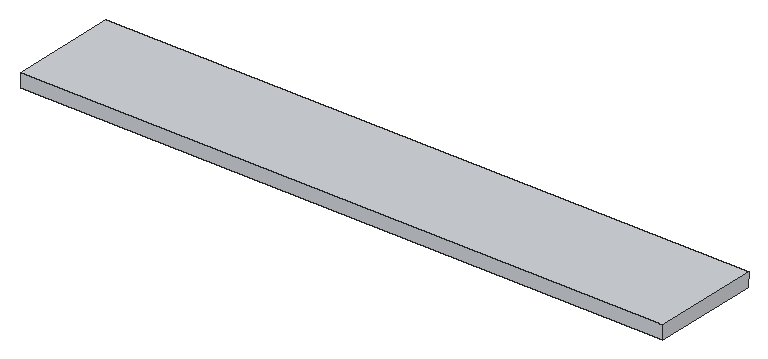
Revit family ".865-GIC", category Plumbing Fixtures, Revit 2014
Parameters
  Width = 6.00"
  URL = "www.siouxchief.com"
  Model = ".865-GIC"
  Manufacturer = "Sioux Chief Manufacturing"
  Length = 36.00"
  Description = "Ductile Iron Grate"
Reference planes (in)
  plane 1 "Center (Front/Back)": y = 0
  plane 2: z = 0
  plane 3 "Center (Left/Right)": x = 0
  plane 4: x = -18
  plane 5: x = 18
  plane 6: y = 3
  plane 7: y = -3
Forms (in)
  Extrusion 1, solid
    sketch origin (-18, 10.52407, 48) x (0, 1, 0) y (0, 0, 1)
      loop
        line (-7.55026, -48) -> (-7.52407, -47.25) -> (-13.52407, -47.25) -> (-13.49788, -48) -> (-7.55026, -48)
    from 0 to 36
Lines and regions (in)
  model lines
    curve 1: line (-17.39469, -2.37025, 0.75) -> (-12.60531, -2.37025, 0.75)
    curve 2: line (-17.39469, -2.06125, 0.75) -> (-12.60531, -2.06125, 0.75)
    curve 3: arc (-17.39469, -2.06125, 0.75) -> (-17.54919, -2.21575, 0.75) -> (-17.39469, -2.37025, 0.75) r 0.1545
    curve 4: arc (-12.60531, -2.06125, 0.75) -> (-12.45081, -2.21575, 0.75) -> (-12.60531, -2.37025, 0.75) r 0.1545
    curve 5: line (-17.75, 2.75, 0.75) -> (-12.25, 2.75, 0.75)
    curve 6: line (-12.25, 2.75, 0.75) -> (-12.25, -2.75, 0.75)
    curve 7: line (-12.25, -2.75, 0.75) -> (-17.75, -2.75, 0.75)
    curve 8: line (-17.75, -2.75, 0.75) -> (-17.75, 2.75, 0.75)
    curve 9: line (-17.39469, -1.63025, 0.75) -> (-12.60531, -1.63025, 0.75)
    curve 10: line (-17.39469, -1.32125, 0.75) -> (-12.60531, -1.32125, 0.75)
    curve 11: arc (-17.39469, -1.32125, 0.75) -> (-17.54919, -1.47575, 0.75) -> (-17.39469, -1.63025, 0.75) r 0.1545
    curve 12: arc (-12.60531, -1.32125, 0.75) -> (-12.45081, -1.47575, 0.75) -> (-12.60531, -1.63025, 0.75) r 0.1545
    curve 13: line (-17.39469, -0.89025, 0.75) -> (-12.60531, -0.89025, 0.75)
    curve 14: line (-17.39469, -0.58125, 0.75) -> (-12.60531, -0.58125, 0.75)
    curve 15: arc (-17.39469, -0.58125, 0.75) -> (-17.54919, -0.73575, 0.75) -> (-17.39469, -0.89025, 0.75) r 0.1545
    curve 16: arc (-12.60531, -0.58125, 0.75) -> (-12.45081, -0.73575, 0.75) -> (-12.60531, -0.89025, 0.75) r 0.1545
    curve 17: line (-17.39469, -0.15025, 0.75) -> (-12.60531, -0.15025, 0.75)
    curve 18: line (-17.39469, 0.15875, 0.75) -> (-12.60531, 0.15875, 0.75)
    curve 19: arc (-17.39469, 0.15875, 0.75) -> (-17.54919, 0.00425, 0.75) -> (-17.39469, -0.15025, 0.75) r 0.1545
    curve 20: arc (-12.60531, 0.15875, 0.75) -> (-12.45081, 0.00425, 0.75) -> (-12.60531, -0.15025, 0.75) r 0.1545
    curve 21: line (-17.39469, 2.37025, 0.75) -> (-12.60531, 2.37025, 0.75)
    curve 22: line (-17.39469, 2.06125, 0.75) -> (-12.60531, 2.06125, 0.75)
    curve 23: arc (-17.39469, 2.06125, 0.75) -> (-17.54919, 2.21575, 0.75) -> (-17.39469, 2.37025, 0.75) r 0.1545
    curve 24: arc (-12.60531, 2.06125, 0.75) -> (-12.45081, 2.21575, 0.75) -> (-12.60531, 2.37025, 0.75) r 0.1545
    curve 25: line (-17.39469, 1.63025, 0.75) -> (-12.60531, 1.63025, 0.75)
    curve 26: line (-17.39469, 1.32125, 0.75) -> (-12.60531, 1.32125, 0.75)
    curve 27: arc (-17.39469, 1.32125, 0.75) -> (-17.54919, 1.47575, 0.75) -> (-17.39469, 1.63025, 0.75) r 0.1545
    curve 28: arc (-12.60531, 1.32125, 0.75) -> (-12.45081, 1.47575, 0.75) -> (-12.60531, 1.63025, 0.75) r 0.1545
    curve 29: line (-17.39469, 0.89025, 0.75) -> (-12.60531, 0.89025, 0.75)
    curve 30: line (-17.39469, 0.58125, 0.75) -> (-12.60531, 0.58125, 0.75)
    curve 31: arc (-17.39469, 0.58125, 0.75) -> (-17.54919, 0.73575, 0.75) -> (-17.39469, 0.89025, 0.75) r 0.1545
    curve 32: arc (-12.60531, 0.58125, 0.75) -> (-12.45081, 0.73575, 0.75) -> (-12.60531, 0.89025, 0.75) r 0.1545
    curve 33: line (-11.39469, -2.37025, 0.75) -> (-6.60531, -2.37025, 0.75)
    curve 34: line (-11.39469, -2.06125, 0.75) -> (-6.60531, -2.06125, 0.75)
    curve 35: arc (-11.39469, -2.06125, 0.75) -> (-11.54919, -2.21575, 0.75) -> (-11.39469, -2.37025, 0.75) r 0.1545
    curve 36: arc (-6.60531, -2.06125, 0.75) -> (-6.45081, -2.21575, 0.75) -> (-6.60531, -2.37025, 0.75) r 0.1545
    curve 37: line (-11.75, 2.75, 0.75) -> (-6.25, 2.75, 0.75)
    curve 38: line (-6.25, 2.75, 0.75) -> (-6.25, -2.75, 0.75)
    curve 39: line (-6.25, -2.75, 0.75) -> (-11.75, -2.75, 0.75)
    curve 40: line (-11.75, -2.75, 0.75) -> (-11.75, 2.75, 0.75)
    curve 41: line (-11.39469, -1.63025, 0.75) -> (-6.60531, -1.63025, 0.75)
    curve 42: line (-11.39469, -1.32125, 0.75) -> (-6.60531, -1.32125, 0.75)
    curve 43: arc (-11.39469, -1.32125, 0.75) -> (-11.54919, -1.47575, 0.75) -> (-11.39469, -1.63025, 0.75) r 0.1545
    curve 44: arc (-6.60531, -1.32125, 0.75) -> (-6.45081, -1.47575, 0.75) -> (-6.60531, -1.63025, 0.75) r 0.1545
    curve 45: line (-11.39469, -0.89025, 0.75) -> (-6.60531, -0.89025, 0.75)
    curve 46: line (-11.39469, -0.58125, 0.75) -> (-6.60531, -0.58125, 0.75)
    curve 47: arc (-11.39469, -0.58125, 0.75) -> (-11.54919, -0.73575, 0.75) -> (-11.39469, -0.89025, 0.75) r 0.1545
    curve 48: arc (-6.60531, -0.58125, 0.75) -> (-6.45081, -0.73575, 0.75) -> (-6.60531, -0.89025, 0.75) r 0.1545
    curve 49: line (-11.39469, -0.15025, 0.75) -> (-6.60531, -0.15025, 0.75)
    curve 50: line (-11.39469, 0.15875, 0.75) -> (-6.60531, 0.15875, 0.75)
    curve 51: arc (-11.39469, 0.15875, 0.75) -> (-11.54919, 0.00425, 0.75) -> (-11.39469, -0.15025, 0.75) r 0.1545
    curve 52: arc (-6.60531, 0.15875, 0.75) -> (-6.45081, 0.00425, 0.75) -> (-6.60531, -0.15025, 0.75) r 0.1545
    curve 53: line (-11.39469, 2.37025, 0.75) -> (-6.60531, 2.37025, 0.75)
    curve 54: line (-11.39469, 2.06125, 0.75) -> (-6.60531, 2.06125, 0.75)
    curve 55: arc (-11.39469, 2.06125, 0.75) -> (-11.54919, 2.21575, 0.75) -> (-11.39469, 2.37025, 0.75) r 0.1545
    curve 56: arc (-6.60531, 2.06125, 0.75) -> (-6.45081, 2.21575, 0.75) -> (-6.60531, 2.37025, 0.75) r 0.1545
    curve 57: line (-11.39469, 1.63025, 0.75) -> (-6.60531, 1.63025, 0.75)
    curve 58: line (-11.39469, 1.32125, 0.75) -> (-6.60531, 1.32125, 0.75)
    curve 59: arc (-11.39469, 1.32125, 0.75) -> (-11.54919, 1.47575, 0.75) -> (-11.39469, 1.63025, 0.75) r 0.1545
    curve 60: arc (-6.60531, 1.32125, 0.75) -> (-6.45081, 1.47575, 0.75) -> (-6.60531, 1.63025, 0.75) r 0.1545
    curve 61: line (-11.39469, 0.89025, 0.75) -> (-6.60531, 0.89025, 0.75)
    curve 62: line (-11.39469, 0.58125, 0.75) -> (-6.60531, 0.58125, 0.75)
    curve 63: arc (-11.39469, 0.58125, 0.75) -> (-11.54919, 0.73575, 0.75) -> (-11.39469, 0.89025, 0.75) r 0.1545
    curve 64: arc (-6.60531, 0.58125, 0.75) -> (-6.45081, 0.73575, 0.75) -> (-6.60531, 0.89025, 0.75) r 0.1545
    curve 65: line (-5.39469, -2.37025, 0.75) -> (-0.60531, -2.37025, 0.75)
    curve 66: line (-5.39469, -2.06125, 0.75) -> (-0.60531, -2.06125, 0.75)
    curve 67: arc (-5.39469, -2.06125, 0.75) -> (-5.54919, -2.21575, 0.75) -> (-5.39469, -2.37025, 0.75) r 0.1545
    curve 68: arc (-0.60531, -2.06125, 0.75) -> (-0.45081, -2.21575, 0.75) -> (-0.60531, -2.37025, 0.75) r 0.1545
    curve 69: line (-5.75, 2.75, 0.75) -> (-0.25, 2.75, 0.75)
    curve 70: line (-0.25, 2.75, 0.75) -> (-0.25, -2.75, 0.75)
    curve 71: line (-0.25, -2.75, 0.75) -> (-5.75, -2.75, 0.75)
    curve 72: line (-5.75, -2.75, 0.75) -> (-5.75, 2.75, 0.75)
    curve 73: line (-5.39469, -1.63025, 0.75) -> (-0.60531, -1.63025, 0.75)
    curve 74: line (-5.39469, -1.32125, 0.75) -> (-0.60531, -1.32125, 0.75)
    curve 75: arc (-5.39469, -1.32125, 0.75) -> (-5.54919, -1.47575, 0.75) -> (-5.39469, -1.63025, 0.75) r 0.1545
    curve 76: arc (-0.60531, -1.32125, 0.75) -> (-0.45081, -1.47575, 0.75) -> (-0.60531, -1.63025, 0.75) r 0.1545
    curve 77: line (-5.39469, -0.89025, 0.75) -> (-0.60531, -0.89025, 0.75)
    curve 78: line (-5.39469, -0.58125, 0.75) -> (-0.60531, -0.58125, 0.75)
    curve 79: arc (-5.39469, -0.58125, 0.75) -> (-5.54919, -0.73575, 0.75) -> (-5.39469, -0.89025, 0.75) r 0.1545
    curve 80: arc (-0.60531, -0.58125, 0.75) -> (-0.45081, -0.73575, 0.75) -> (-0.60531, -0.89025, 0.75) r 0.1545
    curve 81: line (-5.39469, -0.15025, 0.75) -> (-0.60531, -0.15025, 0.75)
    curve 82: line (-5.39469, 0.15875, 0.75) -> (-0.60531, 0.15875, 0.75)
    curve 83: arc (-5.39469, 0.15875, 0.75) -> (-5.54919, 0.00425, 0.75) -> (-5.39469, -0.15025, 0.75) r 0.1545
    curve 84: arc (-0.60531, 0.15875, 0.75) -> (-0.45081, 0.00425, 0.75) -> (-0.60531, -0.15025, 0.75) r 0.1545
    curve 85: line (-5.39469, 2.37025, 0.75) -> (-0.60531, 2.37025, 0.75)
    curve 86: line (-5.39469, 2.06125, 0.75) -> (-0.60531, 2.06125, 0.75)
    curve 87: arc (-5.39469, 2.06125, 0.75) -> (-5.54919, 2.21575, 0.75) -> (-5.39469, 2.37025, 0.75) r 0.1545
    curve 88: arc (-0.60531, 2.06125, 0.75) -> (-0.45081, 2.21575, 0.75) -> (-0.60531, 2.37025, 0.75) r 0.1545
    curve 89: line (-5.39469, 1.63025, 0.75) -> (-0.60531, 1.63025, 0.75)
    curve 90: line (-5.39469, 1.32125, 0.75) -> (-0.60531, 1.32125, 0.75)
    curve 91: arc (-5.39469, 1.32125, 0.75) -> (-5.54919, 1.47575, 0.75) -> (-5.39469, 1.63025, 0.75) r 0.1545
    curve 92: arc (-0.60531, 1.32125, 0.75) -> (-0.45081, 1.47575, 0.75) -> (-0.60531, 1.63025, 0.75) r 0.1545
    curve 93: line (-5.39469, 0.89025, 0.75) -> (-0.60531, 0.89025, 0.75)
    curve 94: line (-5.39469, 0.58125, 0.75) -> (-0.60531, 0.58125, 0.75)
    curve 95: arc (-5.39469, 0.58125, 0.75) -> (-5.54919, 0.73575, 0.75) -> (-5.39469, 0.89025, 0.75) r 0.1545
    curve 96: arc (-0.60531, 0.58125, 0.75) -> (-0.45081, 0.73575, 0.75) -> (-0.60531, 0.89025, 0.75) r 0.1545
    curve 97: line (0.60531, -2.37025, 0.75) -> (5.39469, -2.37025, 0.75)
    curve 98: line (0.60531, -2.06125, 0.75) -> (5.39469, -2.06125, 0.75)
    curve 99: arc (0.60531, -2.06125, 0.75) -> (0.45081, -2.21575, 0.75) -> (0.60531, -2.37025, 0.75) r 0.1545
    curve 100: arc (5.39469, -2.06125, 0.75) -> (5.54919, -2.21575, 0.75) -> (5.39469, -2.37025, 0.75) r 0.1545
    curve 101: line (0.25, 2.75, 0.75) -> (5.75, 2.75, 0.75)
    curve 102: line (5.75, 2.75, 0.75) -> (5.75, -2.75, 0.75)
    curve 103: line (5.75, -2.75, 0.75) -> (0.25, -2.75, 0.75)
    curve 104: line (0.25, -2.75, 0.75) -> (0.25, 2.75, 0.75)
    curve 105: line (0.60531, -1.63025, 0.75) -> (5.39469, -1.63025, 0.75)
    curve 106: line (0.60531, -1.32125, 0.75) -> (5.39469, -1.32125, 0.75)
    curve 107: arc (0.60531, -1.32125, 0.75) -> (0.45081, -1.47575, 0.75) -> (0.60531, -1.63025, 0.75) r 0.1545
    curve 108: arc (5.39469, -1.32125, 0.75) -> (5.54919, -1.47575, 0.75) -> (5.39469, -1.63025, 0.75) r 0.1545
    curve 109: line (0.60531, -0.89025, 0.75) -> (5.39469, -0.89025, 0.75)
    curve 110: line (0.60531, -0.58125, 0.75) -> (5.39469, -0.58125, 0.75)
    curve 111: arc (0.60531, -0.58125, 0.75) -> (0.45081, -0.73575, 0.75) -> (0.60531, -0.89025, 0.75) r 0.1545
    curve 112: arc (5.39469, -0.58125, 0.75) -> (5.54919, -0.73575, 0.75) -> (5.39469, -0.89025, 0.75) r 0.1545
    curve 113: line (0.60531, -0.15025, 0.75) -> (5.39469, -0.15025, 0.75)
    curve 114: line (0.60531, 0.15875, 0.75) -> (5.39469, 0.15875, 0.75)
    curve 115: arc (0.60531, 0.15875, 0.75) -> (0.45081, 0.00425, 0.75) -> (0.60531, -0.15025, 0.75) r 0.1545
    curve 116: arc (5.39469, 0.15875, 0.75) -> (5.54919, 0.00425, 0.75) -> (5.39469, -0.15025, 0.75) r 0.1545
    curve 117: line (0.60531, 2.37025, 0.75) -> (5.39469, 2.37025, 0.75)
    curve 118: line (0.60531, 2.06125, 0.75) -> (5.39469, 2.06125, 0.75)
    curve 119: arc (0.60531, 2.06125, 0.75) -> (0.45081, 2.21575, 0.75) -> (0.60531, 2.37025, 0.75) r 0.1545
    curve 120: arc (5.39469, 2.06125, 0.75) -> (5.54919, 2.21575, 0.75) -> (5.39469, 2.37025, 0.75) r 0.1545
    curve 121: line (0.60531, 1.63025, 0.75) -> (5.39469, 1.63025, 0.75)
    curve 122: line (0.60531, 1.32125, 0.75) -> (5.39469, 1.32125, 0.75)
    curve 123: arc (0.60531, 1.32125, 0.75) -> (0.45081, 1.47575, 0.75) -> (0.60531, 1.63025, 0.75) r 0.1545
    curve 124: arc (5.39469, 1.32125, 0.75) -> (5.54919, 1.47575, 0.75) -> (5.39469, 1.63025, 0.75) r 0.1545
    curve 125: line (0.60531, 0.89025, 0.75) -> (5.39469, 0.89025, 0.75)
    curve 126: line (0.60531, 0.58125, 0.75) -> (5.39469, 0.58125, 0.75)
    curve 127: arc (0.60531, 0.58125, 0.75) -> (0.45081, 0.73575, 0.75) -> (0.60531, 0.89025, 0.75) r 0.1545
    curve 128: arc (5.39469, 0.58125, 0.75) -> (5.54919, 0.73575, 0.75) -> (5.39469, 0.89025, 0.75) r 0.1545
    curve 129: line (6.60531, -2.37025, 0.75) -> (11.39469, -2.37025, 0.75)
    curve 130: line (6.60531, -2.06125, 0.75) -> (11.39469, -2.06125, 0.75)
    curve 131: arc (6.60531, -2.06125, 0.75) -> (6.45081, -2.21575, 0.75) -> (6.60531, -2.37025, 0.75) r 0.1545
    curve 132: arc (11.39469, -2.06125, 0.75) -> (11.54919, -2.21575, 0.75) -> (11.39469, -2.37025, 0.75) r 0.1545
    curve 133: line (6.25, 2.75, 0.75) -> (11.75, 2.75, 0.75)
    curve 134: line (11.75, 2.75, 0.75) -> (11.75, -2.75, 0.75)
    curve 135: line (11.75, -2.75, 0.75) -> (6.25, -2.75, 0.75)
    curve 136: line (6.25, -2.75, 0.75) -> (6.25, 2.75, 0.75)
    curve 137: line (6.60531, -1.63025, 0.75) -> (11.39469, -1.63025, 0.75)
    curve 138: line (6.60531, -1.32125, 0.75) -> (11.39469, -1.32125, 0.75)
    curve 139: arc (6.60531, -1.32125, 0.75) -> (6.45081, -1.47575, 0.75) -> (6.60531, -1.63025, 0.75) r 0.1545
    curve 140: arc (11.39469, -1.32125, 0.75) -> (11.54919, -1.47575, 0.75) -> (11.39469, -1.63025, 0.75) r 0.1545
    curve 141: line (6.60531, -0.89025, 0.75) -> (11.39469, -0.89025, 0.75)
    curve 142: line (6.60531, -0.58125, 0.75) -> (11.39469, -0.58125, 0.75)
    curve 143: arc (6.60531, -0.58125, 0.75) -> (6.45081, -0.73575, 0.75) -> (6.60531, -0.89025, 0.75) r 0.1545
    curve 144: arc (11.39469, -0.58125, 0.75) -> (11.54919, -0.73575, 0.75) -> (11.39469, -0.89025, 0.75) r 0.1545
    curve 145: line (6.60531, -0.15025, 0.75) -> (11.39469, -0.15025, 0.75)
    curve 146: line (6.60531, 0.15875, 0.75) -> (11.39469, 0.15875, 0.75)
    curve 147: arc (6.60531, 0.15875, 0.75) -> (6.45081, 0.00425, 0.75) -> (6.60531, -0.15025, 0.75) r 0.1545
    curve 148: arc (11.39469, 0.15875, 0.75) -> (11.54919, 0.00425, 0.75) -> (11.39469, -0.15025, 0.75) r 0.1545
    curve 149: line (6.60531, 2.37025, 0.75) -> (11.39469, 2.37025, 0.75)
    curve 150: line (6.60531, 2.06125, 0.75) -> (11.39469, 2.06125, 0.75)
    curve 151: arc (6.60531, 2.06125, 0.75) -> (6.45081, 2.21575, 0.75) -> (6.60531, 2.37025, 0.75) r 0.1545
    curve 152: arc (11.39469, 2.06125, 0.75) -> (11.54919, 2.21575, 0.75) -> (11.39469, 2.37025, 0.75) r 0.1545
    curve 153: line (6.60531, 1.63025, 0.75) -> (11.39469, 1.63025, 0.75)
    curve 154: line (6.60531, 1.32125, 0.75) -> (11.39469, 1.32125, 0.75)
    curve 155: arc (6.60531, 1.32125, 0.75) -> (6.45081, 1.47575, 0.75) -> (6.60531, 1.63025, 0.75) r 0.1545
    curve 156: arc (11.39469, 1.32125, 0.75) -> (11.54919, 1.47575, 0.75) -> (11.39469, 1.63025, 0.75) r 0.1545
    curve 157: line (6.60531, 0.89025, 0.75) -> (11.39469, 0.89025, 0.75)
    curve 158: line (6.60531, 0.58125, 0.75) -> (11.39469, 0.58125, 0.75)
    curve 159: arc (6.60531, 0.58125, 0.75) -> (6.45081, 0.73575, 0.75) -> (6.60531, 0.89025, 0.75) r 0.1545
    curve 160: arc (11.39469, 0.58125, 0.75) -> (11.54919, 0.73575, 0.75) -> (11.39469, 0.89025, 0.75) r 0.1545
    curve 161: line (12.60531, -2.37025, 0.75) -> (17.39469, -2.37025, 0.75)
    curve 162: line (12.60531, -2.06125, 0.75) -> (17.39469, -2.06125, 0.75)
    curve 163: arc (12.60531, -2.06125, 0.75) -> (12.45081, -2.21575, 0.75) -> (12.60531, -2.37025, 0.75) r 0.1545
    curve 164: arc (17.39469, -2.06125, 0.75) -> (17.54919, -2.21575, 0.75) -> (17.39469, -2.37025, 0.75) r 0.1545
    curve 165: line (12.25, 2.75, 0.75) -> (17.75, 2.75, 0.75)
    curve 166: line (17.75, 2.75, 0.75) -> (17.75, -2.75, 0.75)
    curve 167: line (17.75, -2.75, 0.75) -> (12.25, -2.75, 0.75)
    curve 168: line (12.25, -2.75, 0.75) -> (12.25, 2.75, 0.75)
    curve 169: line (12.60531, -1.63025, 0.75) -> (17.39469, -1.63025, 0.75)
    curve 170: line (12.60531, -1.32125, 0.75) -> (17.39469, -1.32125, 0.75)
    curve 171: arc (12.60531, -1.32125, 0.75) -> (12.45081, -1.47575, 0.75) -> (12.60531, -1.63025, 0.75) r 0.1545
    curve 172: arc (17.39469, -1.32125, 0.75) -> (17.54919, -1.47575, 0.75) -> (17.39469, -1.63025, 0.75) r 0.1545
    curve 173: line (12.60531, -0.89025, 0.75) -> (17.39469, -0.89025, 0.75)
    curve 174: line (12.60531, -0.58125, 0.75) -> (17.39469, -0.58125, 0.75)
    curve 175: arc (12.60531, -0.58125, 0.75) -> (12.45081, -0.73575, 0.75) -> (12.60531, -0.89025, 0.75) r 0.1545
    curve 176: arc (17.39469, -0.58125, 0.75) -> (17.54919, -0.73575, 0.75) -> (17.39469, -0.89025, 0.75) r 0.1545
    curve 177: line (12.60531, -0.15025, 0.75) -> (17.39469, -0.15025, 0.75)
    curve 178: line (12.60531, 0.15875, 0.75) -> (17.39469, 0.15875, 0.75)
    curve 179: arc (12.60531, 0.15875, 0.75) -> (12.45081, 0.00425, 0.75) -> (12.60531, -0.15025, 0.75) r 0.1545
    curve 180: arc (17.39469, 0.15875, 0.75) -> (17.54919, 0.00425, 0.75) -> (17.39469, -0.15025, 0.75) r 0.1545
    curve 181: line (12.60531, 2.37025, 0.75) -> (17.39469, 2.37025, 0.75)
    curve 182: line (12.60531, 2.06125, 0.75) -> (17.39469, 2.06125, 0.75)
    curve 183: arc (12.60531, 2.06125, 0.75) -> (12.45081, 2.21575, 0.75) -> (12.60531, 2.37025, 0.75) r 0.1545
    curve 184: arc (17.39469, 2.06125, 0.75) -> (17.54919, 2.21575, 0.75) -> (17.39469, 2.37025, 0.75) r 0.1545
    curve 185: line (12.60531, 1.63025, 0.75) -> (17.39469, 1.63025, 0.75)
    curve 186: line (12.60531, 1.32125, 0.75) -> (17.39469, 1.32125, 0.75)
    curve 187: arc (12.60531, 1.32125, 0.75) -> (12.45081, 1.47575, 0.75) -> (12.60531, 1.63025, 0.75) r 0.1545
    curve 188: arc (17.39469, 1.32125, 0.75) -> (17.54919, 1.47575, 0.75) -> (17.39469, 1.63025, 0.75) r 0.1545
    curve 189: line (12.60531, 0.89025, 0.75) -> (17.39469, 0.89025, 0.75)
    curve 190: line (12.60531, 0.58125, 0.75) -> (17.39469, 0.58125, 0.75)
    curve 191: arc (12.60531, 0.58125, 0.75) -> (12.45081, 0.73575, 0.75) -> (12.60531, 0.89025, 0.75) r 0.1545
    curve 192: arc (17.39469, 0.58125, 0.75) -> (17.54919, 0.73575, 0.75) -> (17.39469, 0.89025, 0.75) r 0.1545
    curve 193: circle (0, 0, 0.75) r 0.3 normal (0, 0, 1)
    curve 194: circle (-12, 0, 0.75) r 0.3 normal (0, 0, 1)
    curve 195: circle (12, 0, 0.75) r 0.3 normal (0, 0, -1)
Dimensions and locks (in)
  equal spacing: plane 4, plane 3 "Center (Left/Right)", plane 5
  "Length": plane 4 to plane 5
  equal spacing: plane 6, plane 1 "Center (Front/Back)", plane 7
  "Width": plane 6 to plane 7
  aligned and locked: plane 2 to level
  aligned and locked: Extrusion 1 to plane 4
  aligned and locked: Extrusion 1 to plane 5
Automatic sketch dimensions
  curve 37 to Extrusion 1 = 0.25"
  curve 102 to Extrusion 1 = 0.25"
  curve 133 to Extrusion 1 = 0.25"
  curve 168 to Extrusion 1 = 0.25"
  curve 69 to Extrusion 1 = 0.25"
  curve 5 to Extrusion 1 = 0.25"
  curve 69 to curve 85 = 0.37975"
  curve 165 to curve 181 = 0.37975"
  curve 133 to curve 149 = 0.37975"
  curve 37 to curve 53 = 0.37975"
  curve 101 to curve 117 = 0.37975"
  curve 5 to curve 21 = 0.37975"
  curve 117 to curve 119 = 0.1545"
  curve 53 to curve 55 = 0.1545"
  curve 181 to curve 183 = 0.1545"
  curve 21 to curve 23 = 0.1545"
  curve 152 to curve 152 = 0.1545"
  curve 85 to curve 87 = 0.1545"
  curve 23 to curve 25 = 0.431"
  curve 87 to curve 89 = 0.431"
  curve 150 to curve 153 = 0.431"
  curve 184 to curve 185 = 0.431"
  curve 56 to curve 57 = 0.431"
  curve 120 to curve 121 = 0.431"
  curve 155 to curve 155 = 0.1545"
  curve 59 to curve 59 = 0.1545"
  curve 27 to curve 27 = 0.1545"
  curve 92 to curve 92 = 0.1545"
  curve 188 to curve 188 = 0.1545"
  curve 124 to curve 124 = 0.1545"
  curve 28 to curve 29 = 0.431"
  curve 58 to curve 61 = 0.431"
  curve 124 to curve 125 = 0.431"
  curve 187 to curve 189 = 0.431"
  curve 155 to curve 157 = 0.431"
  curve 92 to curve 93 = 0.431"
  curve 159 to curve 159 = 0.1545"
  curve 95 to curve 95 = 0.1545"
  curve 31 to curve 31 = 0.1545"
  curve 64 to curve 64 = 0.1545"
  curve 191 to curve 191 = 0.1545"
  curve 128 to curve 128 = 0.1545"
  curve 192 to curve 178 = 0.4225"
  curve 128 to curve 114 = 0.4225"
  curve 96 to curve 82 = 0.4225"
  curve 62 to curve 50 = 0.4225"
  curve 32 to curve 18 = 0.4225"
  curve 159 to curve 146 = 0.4225"
  curve 50 to curve 52 = 0.1545"
  curve 146 to curve 148 = 0.1545"
  curve 18 to curve 19 = 0.1545"
  curve 82 to curve 84 = 0.1545"
  curve 115 to curve 115 = 0.1545"
  curve 178 to curve 180 = 0.1545"
  curve 115 to curve 193 = 0.00425"
  curve 51 to curve 194 = 0.00425"
  curve 179 to curve 195 = 0.00425"
  curve 17 to curve 14 = 0.431"
  curve 145 to curve 142 = 0.431"
  curve 113 to curve 110 = 0.431"
  curve 49 to curve 46 = 0.431"
  curve 177 to curve 174 = 0.431"
  curve 81 to curve 78 = 0.431"
  curve 142 to curve 144 = 0.1545"
  curve 14 to curve 15 = 0.1545"
  curve 78 to curve 80 = 0.1545"
  curve 110 to curve 112 = 0.1545"
  curve 174 to curve 175 = 0.1545"
  curve 46 to curve 48 = 0.1545"
  curve 45 to curve 42 = 0.431"
  curve 13 to curve 10 = 0.431"
  curve 141 to curve 138 = 0.431"
  curve 77 to curve 74 = 0.431"
  curve 173 to curve 170 = 0.431"
  curve 109 to curve 106 = 0.431"
  curve 42 to curve 43 = 0.1545"
  curve 170 to curve 172 = 0.1545"
  curve 74 to curve 76 = 0.1545"
  curve 10 to curve 11 = 0.1545"
  curve 106 to curve 107 = 0.1545"
  curve 138 to curve 139 = 0.1545"
  curve 137 to curve 130 = 0.431"
  curve 9 to curve 2 = 0.431"
  curve 171 to curve 162 = 0.431"
  curve 105 to curve 98 = 0.431"
  curve 73 to curve 66 = 0.431"
  curve 41 to curve 34 = 0.431"
  curve 34 to curve 36 = 0.1545"
  curve 2 to curve 4 = 0.1545"
  curve 162 to curve 164 = 0.1545"
  curve 130 to curve 131 = 0.1545"
  curve 98 to curve 100 = 0.1545"
  curve 66 to curve 67 = 0.1545"
  Extrusion 1 to curve 8 = 0.25"
  Extrusion 1 to curve 3 = 0.60531"
  Extrusion 1 to curve 29 = 0.60531"
  curve 27 to curve 29 = 0.00"
  curve 9 to curve 2 = 0.00"
  curve 23 to curve 25 = 0.00"
  curve 13 to curve 10 = 0.00"
  curve 19 to curve 31 = 0.00"
  curve 17 to curve 17 = 4.78938"
  curve 16 to curve 17 = 0.00"
  curve 21 to curve 20 = 0.00"
  curve 12 to curve 13 = 0.00"
  curve 32 to curve 20 = 0.00"
  curve 25 to curve 24 = 0.00"
  curve 4 to curve 9 = 0.00"
  curve 1 to curve 6 = 0.35531"
  curve 20 to curve 194 = 0.60531"
  curve 6 to curve 39 = 0.50"
  curve 39 to curve 35 = 0.35531"
  curve 194 to curve 61 = 0.60531"
  curve 59 to curve 61 = 0.00"
  curve 41 to curve 34 = 0.00"
  curve 55 to curve 57 = 0.00"
  curve 45 to curve 42 = 0.00"
  curve 51 to curve 62 = 0.00"
  curve 49 to curve 49 = 4.78937"
  curve 46 to curve 49 = 0.00"
  curve 53 to curve 52 = 0.00"
  curve 44 to curve 45 = 0.00"
  curve 57 to curve 56 = 0.00"
  curve 64 to curve 52 = 0.00"
  curve 36 to curve 41 = 0.00"
  curve 33 to curve 38 = 0.35531"
  curve 38 to curve 71 = 0.50"
  curve 71 to curve 67 = 0.35531"
  curve 64 to curve 93 = 1.21062"
  curve 91 to curve 93 = 0.00"
  curve 73 to curve 67 = 0.00"
  curve 87 to curve 89 = 0.00"
  curve 77 to curve 74 = 0.00"
  curve 83 to curve 95 = 0.00"
  curve 81 to curve 81 = 4.78938"
  curve 80 to curve 81 = 0.00"
  curve 85 to curve 84 = 0.00"
  curve 76 to curve 77 = 0.00"
  curve 89 to curve 88 = 0.00"
  curve 96 to curve 84 = 0.00"
  curve 68 to curve 73 = 0.00"
  curve 65 to curve 70 = 0.35531"
  curve 84 to curve 193 = 0.60531"
  curve 70 to curve 103 = 0.50"
  curve 193 to curve 125 = 0.60531"
  curve 103 to curve 99 = 0.35531"
  curve 123 to curve 125 = 0.00"
  curve 105 to curve 98 = 0.00"
  curve 119 to curve 121 = 0.00"
  curve 109 to curve 106 = 0.00"
  curve 113 to curve 110 = 0.00"
  curve 114 to curve 114 = 4.78938"
  curve 112 to curve 113 = 0.00"
  curve 117 to curve 116 = 0.00"
  curve 108 to curve 109 = 0.00"
  curve 121 to curve 120 = 0.00"
  curve 125 to curve 124 = 0.00"
  curve 100 to curve 105 = 0.00"
  curve 97 to curve 103 = 0.35531"
  curve 101 to curve 133 = 0.50"
  curve 128 to curve 159 = 1.21062"
  curve 135 to curve 129 = 0.35531"
  curve 155 to curve 157 = 0.00"
  curve 137 to curve 130 = 0.00"
  curve 151 to curve 153 = 0.00"
  curve 141 to curve 138 = 0.00"
  curve 147 to curve 159 = 0.00"
  curve 146 to curve 146 = 4.78938"
  curve 144 to curve 145 = 0.00"
  curve 149 to curve 148 = 0.00"
  curve 140 to curve 141 = 0.00"
  curve 153 to curve 152 = 0.00"
  curve 160 to curve 148 = 0.00"
  curve 132 to curve 137 = 0.00"
  curve 149 to curve 134 = 0.35531"
  curve 148 to curve 195 = 0.60531"
  curve 133 to curve 165 = 0.50"
  curve 167 to curve 162 = 0.35531"
  curve 195 to curve 191 = 0.60531"
  curve 179 to curve 191 = 0.00"
  curve 169 to curve 163 = 0.00"
  curve 187 to curve 189 = 0.00"
  curve 173 to curve 170 = 0.00"
  curve 183 to curve 185 = 0.00"
  Extrusion 1 to curve 178 = 0.60531"
  Extrusion 1 to curve 181 = 0.60531"
  curve 176 to curve 177 = 0.00"
  curve 185 to curve 184 = 0.00"
  curve 172 to curve 173 = 0.00"
  Extrusion 1 to curve 161 = 0.60531"
  curve 189 to curve 188 = 0.00"
  Extrusion 1 to curve 166 = 0.25"
  curve 167 to Extrusion 1 = 0.25"
  curve 136 to Extrusion 1 = 0.25"
  curve 104 to Extrusion 1 = 0.25"
  curve 72 to Extrusion 1 = 0.25"
  curve 40 to Extrusion 1 = 0.25"
  curve 8 to Extrusion 1 = 0.25"
  Extrusion 1 sketch curve to plane 7 = 0.00"
  Extrusion 1 sketch curve to level = 0.00"
  Extrusion 1 sketch curve to plane 6 = 0.00"
  Extrusion 1 sketch curve to plane 7 = 0.02619"
  level to Extrusion 1 sketch curve = 0.75"
  Extrusion 1 sketch curve to plane 6 = 0.02619"
  radius of curve 193 = 0.30"
  radius of curve 194 = 0.30"
  radius of curve 195 = 0.30"
